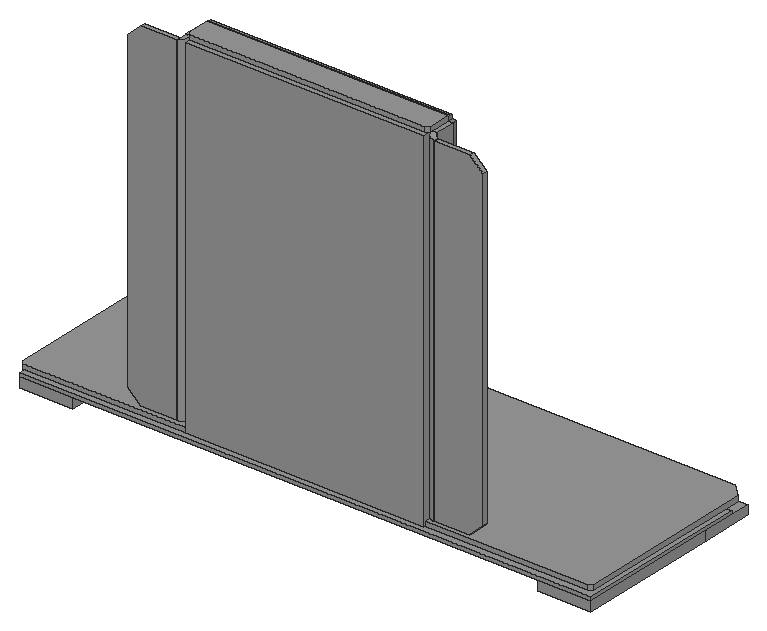
Revit family "Wall connection piece 4te Seite", category Generic Models, Revit 2017
Family settings
  Can host rebar = No
  Round Connector Dimension = Use Diameter
  Part Type = Normal
  Work Plane-Based = Yes
  Always vertical = No
  Cut with Voids When Loaded = No
  Shared = No
  Room Calculation Point = No
Parameters (values of type "Galvanized Steel")
  Thickness [instance] = 1.5 mm  # constant formula
  Galvanized Steel = yes
  Size Options [instance] = Cable Tray Size : 60x60
  RAL-9016 = no
  Width [instance] = if(Size Options = Option 1, 60 mm, if(Size Options = Option 2, 100 mm, if(Size Options = Option 3, 150 mm, if(Size Options = Option 4, 150 mm, 250 mm))))  # 60 mm
  Product data url [instance] = if(and([RAL-9016], Size Options = Option 1), "https://www.hager.de/?artnr=FWKP60060W49016&design=44", if(and(Galvanized Steel, Size Options = Option 1), "https://www.hager.de/?artnr=FWKP60060W4VERZ&design=44", if(and([RAL-9016], Size Options = Option 2), "https://www.hager.de/?artnr=FWKP60100W4VERZ&design=44", if(and(Galvanized Steel, Size Options = Option 2), "https://www.hager.de/?artnr=FWKP60100W4VERZ&design=44", if(and([RAL-9016], Size Options = Option 3), "https://www.hager.de/?artnr=FWKP60150W49016&design=44", if(and(Galvanized Steel, Size Options = Option 3), "https://www.hager.de/?artnr=FWKP60150W4VERZ&design=44", if(and([RAL-9016], Size Options = Option 5), "https://www.hager.de/?artnr=FWKP100250W49016&design=44", if(and(Galvanized Steel, Size Options = Option 5), "https://www.hager.de/?artnr=FWKP100250W4VERZ&design=44", "Product not available"))))))))  # "https://www.hager.de/?artnr=FWKP60060W4VERZ&design=44"
  Product Material = Galvanized Steel
  Product Description [instance] = if(and([RAL-9016], Size Options = Option 1), "Wall connection piece 4te Seite 60 white", if(and(Galvanized Steel, Size Options = Option 1), "Wall connection piece 4te Seite 60 verz", if(and([RAL-9016], Size Options = Option 2), "Wall connection piece 4te Seite 100 white", if(and(Galvanized Steel, Size Options = Option 2), "Wall connection piece 4te Seite 100 verz", if(and([RAL-9016], Size Options = Option 3), "Wall connection piece 4te Seite 150 white", if(and(Galvanized Steel, Size Options = Option 3), "Wall connection piece 4te Seite 150 verz", if(and([RAL-9016], Size Options = Option 5), "Wall connection piece 4te Seite 250 white", if(and(Galvanized Steel, Size Options = Option 5), "Wall connection piece 4te Seite 250 verz", "Product not available"))))))))  # "Wall connection piece 4te Seite 60 verz"
  Path [instance] = if(and([RAL-9016], Size Options = Option 1), "ETIM V7[1474950] / EG000056 - Fire protection systems[1475002] / EC002670 - Accessories for Fire-resistant duct[1477414] / [1755016]\r\n", if(and(Galvanized Steel, Size Options = Option 1), "ETIM V7[1474950] / EG000056 - Fire protection systems[1475002] / EC002670 - Accessories for Fire-resistant duct[1477414] / [1755036]\r\n", if(and([RAL-9016], Size Options = Option 2), "ETIM V7[1474950] / EG000056 - Fire protection systems[1475002] / EC002670 - Accessories for Fire-resistant duct[1477414] / [1755038]\r\n", if(and(Galvanized Steel, Size Options = Option 2), "ETIM V7[1474950] / EG000056 - Fire protection systems[1475002] / EC002670 - Accessories for Fire-resistant duct[1477414] / [1755028]\r\n", if(and([RAL-9016], Size Options = Option 3), "ETIM V7[1474950] / EG000056 - Fire protection systems[1475002] / EC002670 - Accessories for Fire-resistant duct[1477414] / [1755020]\r\n", if(and(Galvanized Steel, Size Options = Option 3), "ETIM V7[1474950] / EG000056 - Fire protection systems[1475002] / EC002670 - Accessories for Fire-resistant duct[1477414] / [1755027]\r\n", if(and([RAL-9016], Size Options = Option 5), "ETIM V7[1474950] / EG000056 - Fire protection systems[1475002] / EC002670 - Accessories for Fire-resistant duct[1477414] / [1755019]\r\n", if(and(Galvanized Steel, Size Options = Option 5), "ETIM V7[1474950] / EG000056 - Fire protection systems[1475002] / EC002670 - Accessories for Fire-resistant duct[1477414] / [1755024]\r\n", "Product not available"))))))))  # "ETIM V7[1474950] / EG000056 - Fire protection systems[1475002] / EC002670 - Accessories for Fire-resistant duct[1477414] / [1755036]\r\n"
  Part name [instance] = if(and([RAL-9016], Size Options = Option 1), "FWKP60060W49016", if(and(Galvanized Steel, Size Options = Option 1), "FWKP60060W4Galvanized Steel", if(and([RAL-9016], Size Options = Option 2), "FWKP60100W49016", if(and(Galvanized Steel, Size Options = Option 2), "FWKP60100W4Galvanized Steel", if(and([RAL-9016], Size Options = Option 3), "FWKP60150W49016", if(and(Galvanized Steel, Size Options = Option 3), "FWKP60150W4Galvanized Steel", if(and([RAL-9016], Size Options = Option 5), "FWKP100250W49016", if(and(Galvanized Steel, Size Options = Option 5), "FWKP100250W4Galvanized Steel", "Product not available"))))))))  # "FWKP60060W4Galvanized Steel"
  Option 5 = Cable Tray Size : 100x250
  Option 4 = Cable Tray Size : 100x150
  Option 3 = Cable Tray Size : 60x150
  Option 2 = Cable Tray Size : 60x100
  Option 1 = Cable Tray Size : 60x60
  Group name [instance] = if(and([RAL-9016], Size Options = Option 1), "EG000056", if(and(Galvanized Steel, Size Options = Option 1), "EG000056", if(and([RAL-9016], Size Options = Option 2), "EG000056", if(and(Galvanized Steel, Size Options = Option 2), "EG000056", if(and([RAL-9016], Size Options = Option 3), "EG000056", if(and(Galvanized Steel, Size Options = Option 3), "EG000056", if(and([RAL-9016], Size Options = Option 5), "EG000056", if(and(Galvanized Steel, Size Options = Option 5), "EG000056", "Product not available"))))))))  # "EG000056"
  Group description [instance] = if(and([RAL-9016], Size Options = Option 1), "EG000056 - Fire protection systems", if(and(Galvanized Steel, Size Options = Option 1), "EG000056 - Fire protection systems", if(and([RAL-9016], Size Options = Option 2), "EG000056 - Fire protection systems", if(and(Galvanized Steel, Size Options = Option 2), "EG000056 - Fire protection systems", if(and([RAL-9016], Size Options = Option 3), "EG000056 - Fire protection systems", if(and(Galvanized Steel, Size Options = Option 3), "EG000056 - Fire protection systems", if(and([RAL-9016], Size Options = Option 5), "EG000056 - Fire protection systems", if(and(Galvanized Steel, Size Options = Option 5), "EG000056 - Fire protection systems", "Product not available"))))))))  # "EG000056 - Fire protection systems"
  Edition number = 1
  ETIM Cat [instance] = "ETIM_V7"
  Description = ""
  Default Elevation = 1219.2 mm
  Class name [instance] = if(and([RAL-9016], Size Options = Option 1), "EC002670", if(and(Galvanized Steel, Size Options = Option 1), "EC002670", if(and([RAL-9016], Size Options = Option 2), "EC002670", if(and(Galvanized Steel, Size Options = Option 2), "EC002670", if(and([RAL-9016], Size Options = Option 3), "EC002670", if(and(Galvanized Steel, Size Options = Option 3), "EC002670", if(and([RAL-9016], Size Options = Option 5), "EC002670", if(and(Galvanized Steel, Size Options = Option 5), "EC002670", "Product not available"))))))))  # "EC002670"
  Class description [instance] = if(and([RAL-9016], Size Options = Option 1), "EC002670 - Accessories for Fire-resistant duct", if(and(Galvanized Steel, Size Options = Option 1), "EC002670 - Accessories for Fire-resistant duct", if(and([RAL-9016], Size Options = Option 2), "EC002670 - Accessories for Fire-resistant duct", if(and(Galvanized Steel, Size Options = Option 2), "EC002670 - Accessories for Fire-resistant duct", if(and([RAL-9016], Size Options = Option 3), "EC002670 - Accessories for Fire-resistant duct", if(and(Galvanized Steel, Size Options = Option 3), "EC002670 - Accessories for Fire-resistant duct", if(and([RAL-9016], Size Options = Option 5), "EC002670 - Accessories for Fire-resistant duct", if(and(Galvanized Steel, Size Options = Option 5), "EC002670 - Accessories for Fire-resistant duct", "Product not available"))))))))  # "EC002670 - Accessories for Fire-resistant duct"
Types (2, lengths in mm): name | Galvanized Steel | Size Options | RAL-9016 | Width | Product data url | Product Material | Product Description | Path | Part name
  RAL-9016 | no | Cable Tray Size : 100x250 | yes | 250 | "https://www.hager.de/?artnr=FWKP100250W49016&design=44" | RAL-9016 | "Wall connection piece 4te Seite 250 white" | "ETIM V7[1474950] / EG000056 - Fire protection systems[1475002] / EC002670 - Accessories for Fire-resistant duct[1477414] / [1755019]\r\n" | "FWKP100250W49016"
  Galvanized Steel | yes | Cable Tray Size : 60x60 | no | 60 | "https://www.hager.de/?artnr=FWKP60060W4VERZ&design=44" | Galvanized Steel | "Wall connection piece 4te Seite 60 verz" | "ETIM V7[1474950] / EG000056 - Fire protection systems[1475002] / EC002670 - Accessories for Fire-resistant duct[1477414] / [1755036]\r\n" | "FWKP60060W4Galvanized Steel"
Reference planes
  plane 1 "Center (Front/Back)": y = 0
  plane 2: z = 0
  plane 3 "Center (Left/Right)": x = 0
  plane 4 "tamday": z = 0
  plane 5 "tam3": z = 5.7
  plane 6: z = 117.7
  plane 7: x = -30
  plane 8: x = 30
  plane 9: x = -25
  plane 10: x = 25
Forms (mm)
  Extrusion 1, solid, material "Galvanized Steel" <- "Product Material", detail levels fine
    sketch origin (0, 0, 3) x (-1, 0, 0) y (0, -1, 0)
      loop
        line (91, -0.31) -> (-91, -0.31) -> (-91, -56.31) -> (91, -56.31) -> (91, -0.31)
    from 0 to 1.2
  Extrusion 2, solid, material "Galvanized Steel" <- "Product Material", detail levels fine
    sketch origin (0, 0, 5.7) x (0, -1, 0) y (1, 0, 0)
      loop
        line (-62.81, -87) -> (-58.81, -91) -> (-1.31, -91) -> (-0.31, -90) -> (-0.31, 90) -> (-1.31, 91) -> (-58.81, 91) -> (-62.81, 87) -> (-62.81, -87)
    from 0 to 1.5
  Extrusion 3, solid, material "Galvanized Steel" <- "Product Material", detail levels fine
    sketch origin (0, 0, 0) x (1, 0, 0) y (0, 0, 1)
      loop
        line (-52.5, 116.7) -> (-56.5, 112.7) -> (-56.5, 12.2) -> (-52.5, 8.2) -> (-41, 8.2) -> (-41, 116.7) -> (-52.5, 116.7)
    from -0.31 to -1.81
  Extrusion 4, solid, material "Galvanized Steel" <- "Product Material", detail levels fine
    sketch origin (0, 0, 0) x (-1, 0, 0) y (0, 0, -1)
      loop
        line (-52.5, -116.7) -> (-41, -116.7) -> (-41, -8.2) -> (-52.5, -8.2) -> (-56.5, -12.2) -> (-56.5, -112.7) -> (-52.5, -116.7)
    from -0.31 to -1.81
  Extrusion 5, solid, material "Galvanized Steel" <- "Product Material", detail levels fine
    sketch origin (0, 0, 7.2) x (0, -1, 0) y (1, 0, 0)
      loop
        line (-9.31, 38.5) -> (-2.81, 38.5) -> (-2.81, 40) -> (-9.31, 40) -> (-9.31, 38.5)
    from 1 to 110.5
  SweptBlend 6, solid, material "Galvanized Steel" <- "Product Material", detail levels fine
    path origin (0, 0, 5.7) x (0, -1, 0) y (1, 0, 0)
      loop
        arc (-0.31, 41) -> (-1.042, 39.232) -> (-2.81, 38.5) r 2.5
    profile origin (41, 0.31, 5.7) x (0, -1, 0) y (0, 0, 1)
      loop
        line (-1.5, 111) -> (-1.5, 2.5) -> (0, 2.5) -> (0, 111) -> (-1.5, 111)
    end profile origin (38.5, 2.81, 5.7) x (-1, 0, 0) y (0, 0, 1)
      loop
        line (-1.5, 2.5) -> (0, 2.5) -> (0, 112) -> (-1.5, 112) -> (-1.5, 2.5)
  Extrusion 7, solid, material "Galvanized Steel" <- "Product Material", detail levels fine
    sketch origin (0, 0, 7.2) x (0, -1, 0) y (1, 0, 0)
      loop
        line (-9.31, -38.5) -> (-9.31, -40) -> (-2.81, -40) -> (-2.81, -38.5) -> (-9.31, -38.5)
    from 1 to 110.5
  SweptBlend 8, solid, material "Galvanized Steel" <- "Product Material", detail levels fine
    path origin (0, 0, 5.7) x (0, -1, 0) y (-1, 0, 0)
      loop
        arc (-0.31, 41) -> (-1.042, 39.232) -> (-2.81, 38.5) r 2.5
    profile origin (-41, 0.31, 5.7) x (0, 1, 0) y (0, 0, 1)
      loop
        line (1.5, 111) -> (0, 111) -> (0, 2.5) -> (1.5, 2.5) -> (1.5, 111)
    end profile origin (-38.5, 2.81, 5.7) x (-1, 0, 0) y (0, 0, 1)
      loop
        line (1.5, 2.5) -> (1.5, 112) -> (0, 112) -> (0, 2.5) -> (1.5, 2.5)
  Extrusion 9, solid, material "Galvanized Steel" <- "Product Material", detail levels fine
    sketch origin (0, 0, 5.7) x (0, -1, 0) y (1, 0, 0)
      loop
        line (-1.11, -37.4) -> (-1.11, 37.4) -> (-2.11, 38.4) -> (-9.31, 38.4) -> (-9.31, -38.4) -> (-2.11, -38.4) -> (-1.11, -37.4)
    from 112 to 113.5
  SweptBlend 10, solid, material "Galvanized Steel" <- "Product Material", detail levels fine
    path origin (0, 0, 0) x (0, 1, 0) y (0, 0, 1)
      loop
        arc (9.31, 119.2) -> (11.078, 118.468) -> (11.81, 116.7) r 2.5
    profile origin (0, 9.31, 119.2) x (0, 0, 1) y (1, 0, 0)
      loop
        line (0, 38.4) -> (-1.5, 38.4) -> (-1.5, -38.4) -> (0, -38.4) -> (0, 38.4)
    end profile origin (0, 11.81, 116.7) x (1, 0, 0) y (0, 1, 0)
      loop
        line (37.5, -1.5) -> (37.5, 0) -> (-37.5, 0) -> (-37.5, -1.5) -> (37.5, -1.5)
  SweptBlend 11, solid, material "Galvanized Steel" <- "Product Material", detail levels fine
    path origin (0.1, 0, 5.7) x (0, -1, 0) y (-1, 0, 0)
      loop
        arc (-11.81, 37.6) -> (-11.078, 39.368) -> (-9.31, 40.1) r 2.5
    profile origin (-37.5, 11.81, 5.7) x (0, -1, 0) y (0, 0, 1)
      loop
        line (1.5, 111) -> (0, 111) -> (0, 2.5) -> (1.5, 2.5) -> (1.5, 111)
    end profile origin (-40, 9.31, 5.7) x (1, 0, 0) y (0, 0, 1)
      loop
        line (0, 112) -> (0, 2.5) -> (1.5, 2.5) -> (1.5, 112) -> (0, 112)
  Extrusion 12, solid, material "Galvanized Steel" <- "Product Material", detail levels fine
    sketch origin (0, 0, 3) x (0, -1, 0) y (-1, 0, 0)
      loop
        line (-45.81, 91) -> (-45.81, 74) -> (-0.31, 74) -> (-0.31, 91) -> (-45.81, 91)
      loop
        line (-45.81, -74) -> (-45.81, -91) -> (-0.31, -91) -> (-0.31, -74) -> (-45.81, -74)
    from 0 to 3
  Extrusion 13, solid, material "Galvanized Steel" <- "Product Material", detail levels fine
    sketch origin (0, 0, 3) x (0, -1, 0) y (-1, 0, 0)
      loop
        line (-62.81, 91) -> (-62.81, -91) -> (-45.81, -91) -> (-45.81, 91) -> (-62.81, 91)
    from 0 to 3
  Extrusion 14, solid, material "Galvanized Steel" <- "Product Material", detail levels fine
    sketch origin (0, 0, 5.7) x (0, -1, 0) y (1, 0, 0)
      loop
        line (-22.31, -33.5) -> (-18.31, -37.5) -> (-12.81, -37.5) -> (-12.81, 37.5) -> (-18.31, 37.5) -> (-22.31, 33.5) -> (-22.31, -33.5)
    from -1.5 to 0
  Extrusion 15, solid, material "Galvanized Steel" <- "Product Material", detail levels fine
    sketch origin (0, 0, 5.7) x (0, -1, 0) y (1, 0, 0)
      loop
        line (-11.81, -37.5) -> (-10.31, -37.5) -> (-10.31, 37.5) -> (-11.81, 37.5) -> (-11.81, -37.5)
    from 1 to 111
  SweptBlend 16, solid, material "Galvanized Steel" <- "Product Material", detail levels fine
    path origin (0, 0, 0) x (0, 1, 0) y (0, 0, 1)
      loop
        arc (12.81, 4.2) -> (11.042, 4.932) -> (10.31, 6.7) r 2.5
    profile origin (0, 12.81, 4.2) x (0, 0, -1) y (1, 0, 0)
      loop
        line (-1.5, 37.5) -> (-1.5, -37.5) -> (0, -37.5) -> (0, 37.5) -> (-1.5, 37.5)
    end profile origin (0, 10.31, 6.7) x (0, -1, 0) y (1, 0, 0)
      loop
        line (-1.5, -37.5) -> (0, -37.5) -> (0, 37.5) -> (-1.5, 37.5) -> (-1.5, -37.5)
  SweptBlend 17, solid, material "Galvanized Steel" <- "Product Material", detail levels fine
    path origin (-0.1, 0, 5.7) x (0, -1, 0) y (1, 0, 0)
      loop
        arc (-11.81, 37.6) -> (-11.078, 39.368) -> (-9.31, 40.1) r 2.5
    profile origin (37.5, 11.81, 5.7) x (0, 1, 0) y (0, 0, 1)
      loop
        line (-1.5, 111) -> (-1.5, 2.5) -> (0, 2.5) -> (0, 111) -> (-1.5, 111)
    end profile origin (40, 9.31, 5.7) x (1, 0, 0) y (0, 0, 1)
      loop
        line (0, 112) -> (-1.5, 112) -> (-1.5, 2.5) -> (0, 2.5) -> (0, 112)
  Extrusion 18, solid, material "Galvanized Steel" <- "Product Material", detail levels fine
    sketch origin (0, 0, 3) x (0, -1, 0) y (-1, 0, 0)
      loop
        arc (-36.31, 25) -> (-37.017, 24.707) -> (-37.31, 24) r 1
        line (-37.31, 24) -> (-37.31, -24)
        arc (-37.31, -24) -> (-37.017, -24.707) -> (-36.31, -25) r 1
        line (-36.31, -25) -> (-4.81, -25)
        arc (-4.81, -25) -> (-4.103, -24.707) -> (-3.81, -24) r 1
        line (-3.81, -24) -> (-3.81, 24)
        arc (-3.81, 24) -> (-4.103, 24.707) -> (-4.81, 25) r 1
        line (-4.81, 25) -> (-36.31, 25)
    from 0 to 0.2
  Extrusion 19, solid, material "Galvanized Steel" <- "Product Material", detail levels medium
    sketch origin (0, 0, 5.7) x (0, -1, 0) y (1, 0, 0)
      loop
        line (-62.81, -91) -> (-0.31, -91) -> (-0.31, 91) -> (-62.81, 91) -> (-62.81, -91)
    from 1.5 to -5.7
  Extrusion 20, solid, material "Galvanized Steel" <- "Product Material", detail levels medium
    sketch origin (0, 0, 0) x (1, 0, 0) y (0, 0, 1)
      loop
        line (-56.5, 119.2) -> (-56.5, 7.2) -> (56.5, 7.2) -> (56.5, 119.2) -> (-56.5, 119.2)
    from -12 to 0
  Extrusion 21, solid, material "Galvanized Steel" <- "Product Material", detail levels fine
    sketch origin (0, 0, 5.7) x (0, -1, 0) y (1, 0, 0)
      loop
        line (0, -38) -> (0, 38) -> (-8, 38) -> (-8, -38) -> (0, -38)
    from 0 to 111.5
Lines and regions (mm)
  model lines, detail levels coarse
    curve 1: line (-91, 62.81, 0) -> (91, 62.81, 0)
    curve 2: line (-91, 0.31, 0) -> (-91, 62.81, 0)
    curve 3: line (91, 0.31, 0) -> (-91, 0.31, 0)
    curve 4: line (91, 62.81, 0) -> (91, 0.31, 0)
    curve 5: line (-56.5, 0, 119.2) -> (56.5, 0, 119.2)
    curve 6: line (-56.5, 0, 0) -> (-56.5, 0, 119.2)
    curve 7: line (56.5, 0, 0) -> (-56.5, 0, 0)
    curve 8: line (56.5, 0, 119.2) -> (56.5, 0, 0)
Dimensions and locks
  curve 2 to plane 7 = 61 mm
  plane 8 to curve 4 = 61 mm
  equal spacing: plane 7, plane 3 "Center (Left/Right)", plane 8
  "Width": plane 7 to plane 8
  Extrusion 19 sketch curve to plane 7 = 61 mm
  plane 8 to Extrusion 19 sketch curve = 61 mm
  Extrusion 12 sketch curve to Extrusion 12 sketch curve = 17 mm  (x2)
  Extrusion 12 sketch curve to plane 7 = 61 mm
  plane 8 to Extrusion 12 sketch curve = 61 mm
  Extrusion 21 sketch curve to plane 7 = 8 mm
  plane 8 to Extrusion 21 sketch curve = 8 mm
  Extrusion 13 to Extrusion 2 = 62.5 mm
  plane 9 to plane 10 = 50 mm
  aligned and locked: level to plane 2
  aligned and locked: Extrusion 5 to Extrusion 4
  aligned and locked: SweptBlend 16 sketch curve to Extrusion 14  (x2)
  aligned and locked: SweptBlend 16 sketch curve to Extrusion 15  (x2)
  aligned and locked: SweptBlend 10 sketch curve to Extrusion 9  (x2)
  aligned and locked: SweptBlend 10 sketch curve to Extrusion 15
  aligned and locked: SweptBlend 10 sketch curve to SweptBlend 17
  aligned and locked: plane 9 to Extrusion 18 sketch curve
  aligned and locked: Extrusion 18 sketch curve to plane 10
Automatic sketch dimensions
  curve 7 to level = 0 mm
  curve 7 to plane 7 = 26.5 mm
  plane 8 to curve 7 = 26.5 mm
  plane 6 to curve 6 = 1.5 mm
  Extrusion 1 sketch curve to plane 1 "Center (Front/Back)" = 0.31 mm
  plane 8 to Extrusion 1 sketch curve = 61 mm
  Extrusion 1 sketch curve to plane 7 = 61 mm
  Extrusion 1 sketch curve to Extrusion 1 sketch curve = 56 mm
  Extrusion 2 sketch curve to plane 1 "Center (Front/Back)" = 62.81 mm
  Extrusion 2 sketch curve to Extrusion 2 sketch curve = 4 mm  (x3)
  Extrusion 2 sketch curve to plane 1 "Center (Front/Back)" = 1.31 mm  (x2)
  Extrusion 2 sketch curve to plane 1 "Center (Front/Back)" = 0.31 mm
  Extrusion 2 sketch curve to plane 7 = 61 mm
  Extrusion 2 sketch curve to Extrusion 2 sketch curve = 1 mm  (x2)
  plane 8 to Extrusion 2 sketch curve = 57 mm
  plane 8 to Extrusion 2 sketch curve = 60 mm
  Extrusion 3 sketch curve to plane 6 = 5 mm
  Extrusion 3 sketch curve to plane 7 = 26.5 mm
  Extrusion 3 sketch curve to plane 6 = 1 mm
  Extrusion 3 sketch curve to Extrusion 3 sketch curve = 4 mm  (x3)
  plane 5 "tam3" to Extrusion 3 sketch curve = 2.5 mm
  Extrusion 3 sketch curve to plane 7 = 11 mm
  plane 6 to Extrusion 4 sketch curve = 5 mm
  Extrusion 4 sketch curve to plane 8 = 26.5 mm
  plane 6 to Extrusion 4 sketch curve = 1 mm
  Extrusion 4 sketch curve to Extrusion 4 sketch curve = 4 mm  (x3)
  Extrusion 4 sketch curve to plane 5 "tam3" = 2.5 mm
  Extrusion 4 sketch curve to plane 8 = 11 mm
  Extrusion 5 sketch curve to Extrusion 2 = 9 mm
  Extrusion 5 sketch curve to Extrusion 2 = 2.5 mm
  Extrusion 5 sketch curve to Extrusion 2 = 52.5 mm
  Extrusion 5 sketch curve to Extrusion 5 sketch curve = 1.5 mm
  SweptBlend 6 sketch curve to plane 1 "Center (Front/Back)" = 2.81 mm
  plane 8 to SweptBlend 6 sketch curve = 11 mm
  SweptBlend 6 sketch curve to plane 1 "Center (Front/Back)" = 0.31 mm
  SweptBlend 6 sketch curve to profile plane = 0 mm  (x2)
  profile plane to SweptBlend 6 sketch curve = 1.5 mm  (x2)
  plane 5 "tam3" to SweptBlend 6 sketch curve = 2.5 mm  (x2)
  SweptBlend 6 sketch curve to SweptBlend 6 sketch curve = 108.5 mm
  SweptBlend 6 sketch curve to SweptBlend 6 sketch curve = 109.5 mm
  Extrusion 7 sketch curve to Extrusion 2 = 9 mm
  Extrusion 7 sketch curve to Extrusion 2 = 2.5 mm
  Extrusion 7 sketch curve to Extrusion 2 = 51 mm
  Extrusion 7 sketch curve to Extrusion 7 sketch curve = 1.5 mm
  plane 1 "Center (Front/Back)" to SweptBlend 8 sketch curve = 2.81 mm
  plane 7 to SweptBlend 8 sketch curve = 11 mm
  plane 1 "Center (Front/Back)" to SweptBlend 8 sketch curve = 0.31 mm
  SweptBlend 8 sketch curve to profile plane = 0 mm  (x2)
  SweptBlend 8 sketch curve to SweptBlend 8 sketch curve = 1.5 mm
  plane 5 "tam3" to SweptBlend 8 sketch curve = 2.5 mm  (x2)
  SweptBlend 8 sketch curve to SweptBlend 8 sketch curve = 108.5 mm
  SweptBlend 8 sketch curve to profile plane = 1.5 mm
  SweptBlend 8 sketch curve to SweptBlend 8 sketch curve = 109.5 mm
  Extrusion 9 sketch curve to plane 1 "Center (Front/Back)" = 9.31 mm
  Extrusion 9 sketch curve to plane 1 "Center (Front/Back)" = 2.11 mm  (x2)
  Extrusion 9 sketch curve to plane 1 "Center (Front/Back)" = 1.11 mm
  Extrusion 9 sketch curve to plane 7 = 8.4 mm
  Extrusion 9 sketch curve to Extrusion 9 sketch curve = 1 mm  (x2)
  plane 8 to Extrusion 9 sketch curve = 7.4 mm
  SweptBlend 10 sketch curve to plane 6 = 1 mm
  SweptBlend 10 sketch curve to plane 1 "Center (Front/Back)" = 9.31 mm
  SweptBlend 10 sketch curve to SweptBlend 10 sketch curve = 2.5 mm
  SweptBlend 10 sketch curve to profile plane = 0 mm
  profile plane to SweptBlend 10 sketch curve = 1.5 mm  (x2)
  profile plane to SweptBlend 10 sketch curve = 0 mm
  plane 1 "Center (Front/Back)" to SweptBlend 11 sketch curve = 9.31 mm
  plane 7 to SweptBlend 11 sketch curve = 7.5 mm
  SweptBlend 11 sketch curve to SweptBlend 11 sketch curve = 2.5 mm
  SweptBlend 11 sketch curve to profile plane = 0 mm
  SweptBlend 11 sketch curve to profile plane = 1.5 mm  (x2)
  plane 5 "tam3" to SweptBlend 11 sketch curve = 2.5 mm  (x2)
  SweptBlend 11 sketch curve to SweptBlend 11 sketch curve = 108.5 mm
  profile plane to SweptBlend 11 sketch curve = 0 mm
  SweptBlend 11 sketch curve to SweptBlend 11 sketch curve = 109.5 mm
  Extrusion 12 sketch curve to Extrusion 1 = 0 mm  (x4)
  Extrusion 1 to Extrusion 12 sketch curve = 10.5 mm  (x2)
  Extrusion 13 sketch curve to Extrusion 1 = 6.5 mm
  Extrusion 13 sketch curve to Extrusion 1 = 0 mm  (x2)
  Extrusion 1 to Extrusion 13 sketch curve = 10.5 mm
  plane 8 to Extrusion 14 sketch curve = 3.5 mm
  Extrusion 14 sketch curve to plane 1 "Center (Front/Back)" = 22.31 mm
  Extrusion 14 sketch curve to Extrusion 14 sketch curve = 4 mm  (x3)
  Extrusion 14 sketch curve to Extrusion 14 sketch curve = 5.5 mm
  Extrusion 14 sketch curve to plane 7 = 3.5 mm
  Extrusion 14 sketch curve to plane 7 = 7.5 mm
  Extrusion 15 sketch curve to plane 1 "Center (Front/Back)" = 11.81 mm
  Extrusion 15 sketch curve to Extrusion 15 sketch curve = 1.5 mm
  Extrusion 15 sketch curve to plane 7 = 7.5 mm
  plane 8 to Extrusion 15 sketch curve = 7.5 mm
  plane 5 "tam3" to SweptBlend 16 sketch curve = 1 mm
  SweptBlend 16 sketch curve to plane 1 "Center (Front/Back)" = 12.81 mm
  SweptBlend 16 sketch curve to SweptBlend 16 sketch curve = 2.5 mm
  SweptBlend 16 sketch curve to profile plane = 0 mm  (x2)
  profile plane to SweptBlend 16 sketch curve = 1.5 mm  (x2)
  SweptBlend 17 sketch curve to plane 1 "Center (Front/Back)" = 9.31 mm
  plane 8 to SweptBlend 17 sketch curve = 7.5 mm
  SweptBlend 17 sketch curve to SweptBlend 17 sketch curve = 2.5 mm
  SweptBlend 17 sketch curve to profile plane = 0 mm
  profile plane to SweptBlend 17 sketch curve = 1.5 mm  (x2)
  plane 5 "tam3" to SweptBlend 17 sketch curve = 2.5 mm  (x2)
  SweptBlend 17 sketch curve to SweptBlend 17 sketch curve = 108.5 mm
  profile plane to SweptBlend 17 sketch curve = 0 mm
  SweptBlend 17 sketch curve to SweptBlend 17 sketch curve = 109.5 mm
  Extrusion 1 to Extrusion 18 sketch curve = 19 mm
  Extrusion 18 sketch curve to Extrusion 18 sketch curve = 1 mm  (x3)
  Extrusion 1 to Extrusion 18 sketch curve = 4.5 mm  (x2)
  curve 3 to Extrusion 12 = 0 mm
  curve 1 to Extrusion 12 = 17 mm
  Extrusion 19 sketch curve to plane 1 "Center (Front/Back)" = 62.81 mm
  Extrusion 19 sketch curve to plane 1 "Center (Front/Back)" = 0.31 mm
  plane 5 "tam3" to Extrusion 20 sketch curve = 1.5 mm
  Extrusion 20 sketch curve to plane 7 = 26.5 mm
  plane 8 to Extrusion 20 sketch curve = 26.5 mm
  plane 6 to Extrusion 20 sketch curve = 1.5 mm
  plane 1 "Center (Front/Back)" to Extrusion 21 sketch curve = 0 mm
  Extrusion 21 sketch curve to plane 1 "Center (Front/Back)" = 8 mm
